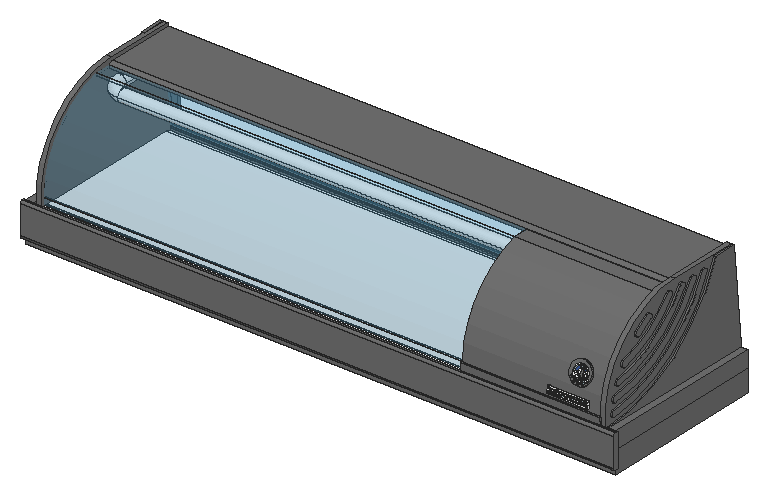
Revit family "QF_HOSHIZAKI_HNC-120BE-R-BH", category Specialty Equipment, Revit 2016
Family settings
  Part Type = Normal
  Round Connector Dimension = Use Diameter
  OmniClass Number = 23.40.40.14
  OmniClass Title = Food Service Equipment
  Work Plane-Based = No
  Always vertical = Yes
  Cut with Voids When Loaded = No
  Shared = No
  Room Calculation Point = No
Parameters (values of type "HNC-120BE-R-BH_230V/1Ph/50Hz")
  Weight = 32.00 kg
  Waste Remarks [instance] = ""
  Volts = 230 V
  URL Cutsheet = ""
  URL = "www.hoshizaki-europe.com"
  Status [instance] = ""
  Specification by User [instance] = ""
  Specification by Manufacturer [instance] = ""
  Serial Number = ""
  Seismic Rating = ""
  SMACNA No = ""
  Revision Code [instance] = ""
  Phase = 1
  Number of Poles = 2
  NAFEM Spec ID Number = ""
  Model = "HNC-120BE-R-BH"
  Min Ckt Ampacity = 0 A
  Max Overcurrent Protection = 0 A
  Masterspec = ""
  Manufacturer = "HOSHIZAKI"
  Length Actual = 1200 mm
  Item Number [instance] = ""
  Installed By [instance] = ""
  Indirect Waste Size = 50.8 mm
  Indirect Waste Connection Type [instance] = ""
  Indirect Waste Connection Height [instance] = 23 mm
  Identify Quantity as Lot [instance] = no
  Height Actual = 270 mm
  HP power = ""
  Furnished By [instance] = ""
  Foodservice Equipment Identifier [instance] = yes
  FL Amps = 0.6 A
  Electric power = 140 W
  Electric Connection Type [instance] = ""
  Elec Conn RI Height [instance] = 0 mm
  Elec Conn Connection Height [instance] = 19 mm
  Direct Waste RI Height [instance] = 0 mm
  Description = "SUSHI CASE, RIGHT SIDED - BLACK"
  Depth Actual = 345 mm
  Cycle = 50 Hz
  Cost = 0
  Conn Plug = ""
  Conn Conduit = no
  CSI MasterFormat = ""
  Assembly Code = "E1090320"
  Apparent Power = 140 VA
  Accessory = no
Reference planes
  plane 1 "Center (Front/Back)": y = 0
  plane 2: z = 0
  plane 3 "Center (Left/Right)": x = 0
Forms (mm)
  Extrusion 1, solid, not visible
    sketch origin (1169, -2, 18) x (1, 0, 0) y (0, 1, 0)
      loop
        line (0, 0) -> (2, 0) -> (2, 2) -> (0, 2) -> (0, 0)
    from 0 to 2
  Extrusion 2, solid, not visible
    sketch origin (67, -2, 22) x (1, 0, 0) y (0, 1, 0)
      loop
        line (0, 0) -> (2, 0) -> (2, 2) -> (0, 2) -> (0, 0)
    from 0 to 2
Dimensions and locks
  aligned and locked: level to plane 2
Nested families
  nested 1: "QF_HOSHIZAKI_HNC-120BE-R-BH_230V_1Ph_50Hz" at (0, 0, 0), type "HNC-120BE-R-BH_230V/1Ph/50Hz"
    with Status "", Specification by User "", Show Clearance yes, Revision Code "", Number of Poles 1, Item Number "", Installed By "", Identify Quantity as Lot no, Furnished By "", Foodservice Equipment Identifier yes, Electrical Remarks "", Electric Connection Type "", Elec Conn RI Height 0 mm, Elec Conn Connection Height 19 mm, Conn Conduit yes
Connectors
  electrical at (1170, 0, 19), driven by "Apparent Power", driven by "Number of Poles", driven by "Volts"
    settings: on Extrusion 1, index 1, voltage 230 V, apparent load 0 VA, apparent load phase1 140 VA, apparent load phase2 0 VA, apparent load phase3 0 VA, power factor 1, load classification "Other", number of poles 2, system type 31, power factor state 1, is connector primary yes, connector utility no, sub classification motor no, connector description "Electric connection for 'HNC-120BE-R-BH'"
  piping at (68, 0, 23), diameter 50.8, driven by "Indirect Waste Size"
    settings: on Extrusion 2, index 2, connector inside diameter 609.6 mm, connector length 0 mm, flow factor 0, pipe flow 0.0 L/s, pressure drop 0.0 Pa, fitting loss kfactor 0, connector angle 0.00°, fixture units 0, engagement length 0 mm, angle of deflection 0.00°, flow configuration 1, flow direction 2, fitting loss method 0, system type 16, joint type 0, gender type 0, connector reference index -1, connector utility 0, adjustable connector no, is connector primary yes, connector description "Drain connection for 'HNC-120BE-R-BH'"
Definition of nested family "QF_HOSHIZAKI_HNC-120BE-R-BH_230V_1Ph_50Hz"
  Parameters (values of type "HNC-120BE-R-BH_230V/1Ph/50Hz")
    Weight in Pounds = 70.5478
    Electric power = 150 W
    Volts = 230 V
    URL Cutsheet = "www.hoshizaki-europe.com"
    URL = "www.hoshizaki-europe.com"
    Status [instance] = ""
    Specification by User [instance] = ""
    Specification by Manufacturer = ""
    Show Logo = yes
    Show Clearance [instance] = yes
    Serial Number = ""
    Seismic Rating = ""
    SMACNA No = ""
    Revision Code [instance] = ""
    Phase = 1
    Number of Poles [instance] = 1
    NAFEM Spec ID Number = ""
    Model = "HNC-120BE-R-BH"
    Min Ckt Ampacity = 0 A
    Max Overcurrent Protection = 0 A
    Masterspec = ""
    Manufacturer = "HOSHIZAKI"
    Item Number [instance] = ""
    Installed By [instance] = ""
    Identify Quantity as Lot [instance] = no
    HP power = "0.201153000000"
    Furnished By [instance] = ""
    Foodservice Equipment Identifier [instance] = yes
    FL Amps = 20 A
    Electrical Remarks [instance] = ""
    Electric Connection Type [instance] = ""
    Elec Conn RI Height [instance] = 0 mm
    Elec Conn Connection Height [instance] = 19 mm
    Description = "SUSHI CASE, RIGHT SIDED - BLACK"
    Cycle = 50 Hz
    Conn Plug = ""
    Conn Conduit [instance] = yes
    CSI MasterFormat = ""
    Assembly Code = "E1090320"
    Apparent Power = 150 VA
  Reference planes
    plane 1 "Back": y = 0
    plane 2: z = 0
    plane 3 "Left": x = 0
    plane 4 "Right": x = 1200
    plane 5 "Front": y = -345
    plane 6 "Top": z = 270
  Forms (mm)
    Extrusion 1, solid
      sketch origin (1200, 0, 0) x (0, 1, 0) y (0, 0, -1)
        loop
          line (-335, -11.612) -> (-340, -11.612)
          arc (-340, -11.612) -> (-343.536, -13.076) -> (-345, -16.612) r 5
          line (-345, -16.612) -> (-345, -73.923)
          arc (-345, -73.923) -> (-343.536, -77.458) -> (-340, -78.923) r 5
          line (-340, -78.923) -> (-335, -78.923) -> (-335, -11.612)
      from 0 to 1200
    Extrusion 2, solid
      sketch origin (1196, 0, 0) x (0, 1, 0) y (0, 0, -1)
        loop
          line (0, 0) -> (-335, 0) -> (-335, -45.267) -> (0, -45.267) -> (0, 0)
      from 1192 to 0
    Extrusion 3, solid
      sketch origin (20, 0, 0) x (0, 1, 0) y (0, 0, 1)
        loop
          line (-335, 77.311) -> (-335, 45.267) -> (0, 45.267) -> (0, 81.612) -> (-16.482, 270) -> (-62.821, 270)
          arc (-62.821, 270) -> (-168.876, 131.23) -> (-335, 77.311) r 293.422
        loop
          arc (-83.709, 252.219) -> (-87.673, 258.508) -> (-95.039, 257.5) r 6.865
          arc (-95.039, 257.5) -> (-185.592, 150.044) -> (-318.029, 103.066) r 268.422
          arc (-318.029, 103.066) -> (-323.161, 96.407) -> (-317.08, 90.602) r 6.285
          arc (-317.08, 90.602) -> (-178.479, 139.765) -> (-83.709, 252.219) r 280.922
        loop
          arc (-111.859, 251.686) -> (-115.571, 258.059) -> (-122.925, 257.5) r 6.947
          arc (-122.925, 257.5) -> (-202.759, 168.597) -> (-315.28, 128.393) r 243.422
          arc (-315.28, 128.393) -> (-320.31, 121.62) -> (-314.06, 115.953) r 6.28
          arc (-314.06, 115.953) -> (-195.78, 158.227) -> (-111.859, 251.686) r 255.922
        loop
          arc (-140.937, 251.021) -> (-143.81, 258.338) -> (-151.626, 257.5) r 6.48
          arc (-151.626, 257.5) -> (-218.228, 188.332) -> (-308.057, 154.411) r 218.422
          arc (-308.057, 154.411) -> (-312.519, 147.451) -> (-306.269, 142.04) r 6.315
          arc (-306.269, 142.04) -> (-211.328, 177.909) -> (-140.937, 251.021) r 230.922
        loop
          arc (-173, 248.071) -> (-175.054, 255.795) -> (-183.042, 255.516) r 6.411
          arc (-183.042, 255.516) -> (-231.849, 209.297) -> (-293.527, 182.572) r 193.422
          arc (-293.527, 182.572) -> (-298.352, 176.046) -> (-293.13, 169.833) r 6.554
          arc (-293.13, 169.833) -> (-226.037, 198.16) -> (-173, 248.071) r 205.922
        loop
          arc (-225.482, 229.368) -> (-225.701, 237.193) -> (-233.285, 239.134) r 6.501
          arc (-233.285, 239.134) -> (-246.737, 229.431) -> (-261.08, 221.097) r 168.422
          arc (-261.08, 221.097) -> (-262.519, 213.318) -> (-255.34, 209.993) r 6.452
          arc (-255.34, 209.993) -> (-239.933, 218.945) -> (-225.482, 229.368) r 180.922
      from 0 to 5
    Extrusion 4, solid
      sketch origin (25, 0, 0) x (0, 1, 0) y (0, 0, 1)
        loop
          line (-335, 45.267) -> (0, 45.267) -> (0, 81.612) -> (-16.482, 270) -> (-157.482, 270)
          arc (-157.482, 270) -> (-288.48, 212.569) -> (-335, 77.311) r 178.115
          line (-335, 77.311) -> (-335, 45.267)
      from 0 to 10
    Extrusion 5, solid
      sketch origin (1180, 0, 0) x (0, 1, 0) y (0, 0, -1)
        loop
          arc (-335, -77.311) -> (-168.876, -131.23) -> (-62.821, -270) r 293.422
          line (-62.821, -270) -> (-16.482, -270) -> (0, -81.612) -> (0, -45.267) -> (-335, -45.267) -> (-335, -77.311)
        loop
          arc (-83.709, -252.219) -> (-178.479, -139.765) -> (-317.08, -90.602) r 280.922
          arc (-317.08, -90.602) -> (-323.161, -96.407) -> (-318.029, -103.066) r 6.285
          arc (-318.029, -103.066) -> (-185.592, -150.044) -> (-95.039, -257.5) r 268.422
          arc (-95.039, -257.5) -> (-87.673, -258.508) -> (-83.709, -252.219) r 6.865
        loop
          arc (-111.859, -251.686) -> (-195.78, -158.227) -> (-314.06, -115.953) r 255.922
          arc (-314.06, -115.953) -> (-320.31, -121.62) -> (-315.28, -128.393) r 6.28
          arc (-315.28, -128.393) -> (-202.759, -168.597) -> (-122.925, -257.5) r 243.422
          arc (-122.925, -257.5) -> (-115.571, -258.059) -> (-111.859, -251.686) r 6.947
        loop
          arc (-140.937, -251.021) -> (-211.328, -177.909) -> (-306.269, -142.04) r 230.922
          arc (-306.269, -142.04) -> (-312.519, -147.451) -> (-308.057, -154.411) r 6.315
          arc (-308.057, -154.411) -> (-218.228, -188.332) -> (-151.626, -257.5) r 218.422
          arc (-151.626, -257.5) -> (-143.81, -258.338) -> (-140.937, -251.021) r 6.48
        loop
          arc (-173, -248.071) -> (-226.037, -198.16) -> (-293.13, -169.833) r 205.922
          arc (-293.13, -169.833) -> (-298.352, -176.046) -> (-293.527, -182.572) r 6.554
          arc (-293.527, -182.572) -> (-231.849, -209.297) -> (-183.042, -255.516) r 193.422
          arc (-183.042, -255.516) -> (-175.054, -255.795) -> (-173, -248.071) r 6.411
        loop
          arc (-225.482, -229.368) -> (-239.933, -218.945) -> (-255.34, -209.993) r 180.922
          arc (-255.34, -209.993) -> (-262.519, -213.318) -> (-261.08, -221.097) r 6.452
          arc (-261.08, -221.097) -> (-246.737, -229.431) -> (-233.285, -239.134) r 168.422
          arc (-233.285, -239.134) -> (-225.701, -237.193) -> (-225.482, -229.368) r 6.501
      from 0 to 5
    Extrusion 6, solid
      sketch origin (1175, 0, 0) x (0, 1, 0) y (0, 0, -1)
        loop
          line (-335, -45.267) -> (-335, -77.311)
          arc (-335, -77.311) -> (-288.48, -212.569) -> (-157.482, -270) r 178.115
          line (-157.482, -270) -> (-16.482, -270) -> (0, -81.612) -> (0, -45.267) -> (-335, -45.267)
      from 0 to 10
    Extrusion 7, solid
      sketch origin (1200, 0, 0) x (0, 1, 0) y (0, 0, -1)
        loop
          line (-335.005, -77.311) -> (-335.597, -91.885) -> (-330.597, -91.885)
          arc (-330.597, -91.885) -> (-293.716, -198.698) -> (-198.787, -260) r 173.115
          line (-198.787, -260) -> (-15.607, -260) -> (0, -81.612) -> (0, -45.267) -> (-9.983, -45.267) -> (-9.983, -77.311) -> (-335.005, -77.311)
      from 35 to 317
    Extrusion 8, solid
      sketch origin (1200, 0, 0) x (0, 1, 0) y (0, 0, -1)
        loop
          line (-9.983, -45.267) -> (-335, -45.267) -> (-335, -67.293)
          arc (-335, -67.293) -> (-332.066, -74.377) -> (-324.983, -77.311) r 10.017
          line (-324.983, -77.311) -> (-20.035, -77.311)
          arc (-20.035, -77.311) -> (-12.951, -74.377) -> (-9.983, -67.293) r 10.017
          line (-9.983, -67.293) -> (-9.983, -45.267)
      from 35 to 1165
    Extrusion 9, solid
      sketch origin (1200, 0, 0) x (0, 1, 0) y (0, 0, -1)
        loop
          line (-16.044, -265) -> (-15.169, -255) -> (-166.142, -255) -> (-166.142, -260)
          arc (-166.142, -260) -> (-162.482, -263.66) -> (-157.482, -265) r 10
          line (-157.482, -265) -> (-16.044, -265)
      from 35 to 1165
    Extrusion 10, solid
      sketch origin (1200, 0, 0) x (0, 1, 0) y (0, 0, -1)
        loop
          line (-166.142, -260) -> (-166.142, -255) -> (-198.178, -255)
          arc (-198.178, -255) -> (-289.967, -195.377) -> (-325.597, -91.885) r 168.115
          line (-325.597, -91.885) -> (-325.597, -77.395) -> (-330.597, -77.395) -> (-330.597, -91.885)
          arc (-330.597, -91.885) -> (-293.716, -198.698) -> (-198.787, -260) r 173.115
          line (-198.787, -260) -> (-166.142, -260)
      from 317 to 1165
    Sweep 11, solid
      path origin (1200, 0, 230) x (-1, 0, 0) y (0, -1, 0)
        loop
          line (1072.551, 50.66) -> (1112.551, 50.66)
          arc (1112.551, 50.66) -> (1140.051, 62.051) -> (1151.442, 89.551) r 38.891
          line (1151.442, 89.551) -> (1151.442, 153.787)
          arc (1151.442, 153.787) -> (1142.122, 176.287) -> (1119.622, 185.607) r 31.82
          line (1119.622, 185.607) -> (317, 185.607)
      profile origin (107.449, -50.66, 230) x (0, -1, 0) y (0, 0, 1)
        loop
          circle (0, 0) r 12.5
    Extrusion 12, solid
      sketch origin (1200, 0, 0) x (0, 1, 0) y (0, 0, -1)
        loop
          line (0, -45.267) -> (-10, -45.267) -> (-10, -77.311) -> (-5, -77.311) -> (-5, -81.612) -> (-6.743, -101.536) -> (-1.743, -101.536) -> (0, -81.612) -> (0, -45.267)
      from 317 to 1165
    Extrusion 13, solid
      sketch origin (1200, 0, 0) x (0, 1, 0) y (0, 0, -1)
        loop
          line (-6.743, -101.536) -> (-20.169, -255) -> (-15.169, -255) -> (-1.743, -101.536) -> (-6.743, -101.536)
      from 1150 to 1165
    Extrusion 14, solid
      sketch origin (1200, 0, 0) x (0, 1, 0) y (0, 0, -1)
        loop
          line (-5, -77.311) -> (-9.917, -77.311) -> (-9.917, -80.666) -> (-25.169, -255) -> (-20.169, -255) -> (-5, -81.612) -> (-5, -77.311)
      from 317 to 1165
    Extrusion 15, solid
      sketch origin (1200, 0, 0) x (-1, 0, 0) y (0, 0, -1)
        loop
          line (20, -45.267) -> (4, -45.267) -> (4, -78.923) -> (20, -78.923) -> (20, -45.267)
      from 0 to 335
    Extrusion 16, solid
      sketch origin (20, 0, 0) x (-1, 0, 0) y (0, 0, -1)
        loop
          line (16, -45.267) -> (0, -45.267) -> (0, -78.923) -> (16, -78.923) -> (16, -45.267)
      from 0 to 335
    Extrusion 17, solid
      sketch origin (1170, 5, 19) x (-1, 0, 0) y (0, 0, -1)
        loop
          circle (0, 0) r 5
      from 0 to 5
    Extrusion 18, solid, visible <- "Show Logo"
      sketch origin (1008.022, -388.576, -502.725) x (1, 0, 0) y (0, 0.087156, 0.996195)
        loop
          line (55.338, 616.136) -> (55.338, 615.183) -> (56.401, 614.569) -> (56.401, 609.537) -> (55.338, 608.924) -> (55.338, 607.971) -> (59.638, 607.971) -> (59.638, 608.924) -> (58.286, 609.537) -> (58.286, 611.434) -> (61.704, 611.434) -> (61.704, 609.537) -> (60.353, 608.924) -> (60.353, 607.971) -> (64.652, 607.971) -> (64.652, 608.924) -> (63.589, 609.537) -> (63.589, 614.569) -> (64.652, 615.183) -> (64.652, 616.136) -> (60.353, 616.136) -> (60.353, 615.183) -> (61.704, 614.569) -> (61.704, 612.924) -> (58.286, 612.924) -> (58.286, 614.569) -> (59.638, 615.183) -> (59.638, 616.136) -> (55.338, 616.136)
        loop
          spline (69.001, 608.002) -> (70.129, 608.14) -> (71.179, 608.547) -> (72.081, 609.193) -> (72.773, 610.035) -> (73.209, 611.016) -> (73.357, 612.069) -> (73.209, 613.121) -> (72.773, 614.102) -> (72.081, 614.944) -> (71.179, 615.591) -> (70.129, 615.997) -> (69.001, 616.136)
          spline (69.001, 616.136) -> (67.874, 615.997) -> (66.824, 615.591) -> (65.922, 614.944) -> (65.229, 614.102) -> (64.794, 613.121) -> (64.646, 612.069) -> (64.794, 611.016) -> (65.229, 610.035) -> (65.922, 609.193) -> (66.824, 608.547) -> (67.874, 608.14) -> (69.001, 608.002)
        loop
          spline (68.927, 609) -> (69.484, 609.105) -> (70.004, 609.411) -> (70.45, 609.899) -> (70.792, 610.534) -> (71.007, 611.274) -> (71.08, 612.069) -> (71.007, 612.863) -> (70.792, 613.603) -> (70.45, 614.239) -> (70.004, 614.726) -> (69.484, 615.033) -> (68.927, 615.137)
          spline (68.927, 615.137) -> (68.37, 615.033) -> (67.851, 614.726) -> (67.405, 614.239) -> (67.063, 613.603) -> (66.847, 612.863) -> (66.774, 612.069) -> (66.847, 611.274) -> (67.063, 610.534) -> (67.405, 609.899) -> (67.851, 609.411) -> (68.37, 609.105) -> (68.927, 609)
        loop
          line (81.179, 616.194) -> (79.474, 615.758)
          arc (79.474, 615.758) -> (77.281, 616.22) -> (75.089, 615.753) r 5.403
          arc (75.089, 615.753) -> (73.886, 613.9) -> (75.089, 612.047) r 2.029
          line (75.089, 612.047) -> (78.971, 610.634)
          arc (78.971, 610.634) -> (79.436, 609.97) -> (78.971, 609.307) r 0.706
          arc (78.971, 609.307) -> (77.855, 609.11) -> (76.74, 609.307) r 3.262
          line (76.74, 609.307) -> (75.274, 610.772) -> (73.787, 610.772) -> (73.787, 608.097) -> (75.666, 608.577)
          arc (75.666, 608.577) -> (78.223, 607.78) -> (80.78, 608.577) r 4.5
          arc (80.78, 608.577) -> (81.48, 610.43) -> (80.78, 612.283) r 2.804
          line (80.78, 612.283) -> (76.487, 613.433)
          arc (76.487, 613.433) -> (75.882, 614.221) -> (76.487, 615.009) r 0.816
          arc (76.487, 615.009) -> (77.614, 615.157) -> (78.742, 615.009) r 4.357
          line (78.742, 615.009) -> (79.927, 613.433) -> (81.179, 613.433) -> (81.179, 616.194)
        loop
          line (82.271, 616.136) -> (82.271, 615.183) -> (83.334, 614.569) -> (83.334, 609.537) -> (82.271, 608.924) -> (82.271, 607.971) -> (86.57, 607.971) -> (86.57, 608.924) -> (85.219, 609.537) -> (85.219, 611.434) -> (88.636, 611.434) -> (88.636, 609.537) -> (87.285, 608.924) -> (87.285, 607.971) -> (91.585, 607.971) -> (91.585, 608.924) -> (90.522, 609.537) -> (90.522, 614.569) -> (91.585, 615.183) -> (91.585, 616.136) -> (87.285, 616.136) -> (87.285, 615.183) -> (88.636, 614.569) -> (88.636, 612.924) -> (85.219, 612.924) -> (85.219, 614.569) -> (86.57, 615.183) -> (86.57, 616.136) -> (82.271, 616.136)
        loop
          line (96.706, 616.136) -> (92.416, 616.136) -> (92.416, 615.183) -> (93.479, 614.569) -> (93.479, 609.537) -> (92.416, 608.924) -> (92.416, 607.971) -> (96.706, 607.971) -> (96.706, 608.924) -> (95.643, 609.537) -> (95.643, 614.569) -> (96.706, 615.183) -> (96.706, 616.136)
        loop
          line (97.667, 616.136) -> (97.667, 612.671) -> (98.907, 612.671) -> (98.907, 614.463) -> (99.558, 615.114) -> (102.547, 615.114) -> (97.667, 609.299) -> (97.667, 607.971) -> (104.908, 607.971) -> (104.908, 611.273) -> (103.649, 611.273) -> (103.649, 609.958) -> (102.708, 609.299) -> (100.239, 609.299) -> (104.908, 614.862) -> (104.908, 616.136) -> (97.667, 616.136)
        loop
          line (105.624, 607.971) -> (109.33, 607.971) -> (109.33, 609.028) -> (107.454, 609.028) -> (108.104, 610.636) -> (111.138, 610.636) -> (111.792, 609.702) -> (111.119, 609.028) -> (110.298, 609.028) -> (110.298, 607.971) -> (114.469, 607.971) -> (114.469, 609.299) -> (110.933, 616.136) -> (109.33, 616.136) -> (106.458, 609.028) -> (105.624, 609.028) -> (105.624, 607.971)
        loop
          line (114.779, 616.136) -> (114.779, 615.083) -> (116.046, 615.083) -> (116.046, 609.299) -> (114.99, 609.299) -> (114.99, 607.971) -> (118.696, 607.971) -> (117.926, 609.461) -> (117.926, 610.349) -> (119.101, 611.525) -> (121.327, 609.299) -> (120.053, 609.299) -> (120.053, 607.971) -> (124.657, 607.971) -> (124.657, 609.299) -> (123.759, 609.299) -> (120.592, 613.016) -> (122.659, 615.083) -> (123.759, 615.083) -> (123.759, 616.136) -> (120.053, 616.136) -> (120.053, 615.083) -> (121.071, 615.083) -> (117.926, 611.937) -> (118.696, 615.083) -> (118.696, 616.136) -> (114.779, 616.136)
        loop
          line (129.485, 616.136) -> (125.196, 616.136) -> (125.196, 615.183) -> (126.259, 614.569) -> (126.259, 609.537) -> (125.196, 608.924) -> (125.196, 607.971) -> (129.485, 607.971) -> (129.485, 608.924) -> (128.422, 609.537) -> (128.422, 614.569) -> (129.485, 615.183) -> (129.485, 616.136)
        loop
          line (109.583, 614.299) -> (108.553, 611.748) -> (110.666, 611.748) -> (109.583, 614.299)
        loop
          line (52.372, 617.338) -> (52.372, 606.471) -> (131.113, 606.471) -> (131.113, 617.338) -> (52.372, 617.338)
        loop
          line (133.113, 619.338) -> (50.372, 619.338) -> (50.372, 604.471) -> (133.113, 604.471) -> (133.113, 619.338)
      from -1 to 1
    Extrusion 19, solid, visible <- "Show Logo"
      sketch origin (1018.022, -389.821, -522.692) x (1, 0, 0) y (0, 0.087156, 0.996195)
        loop
          line (42.372, 637.338) -> (42.372, 626.471) -> (121.113, 626.471) -> (121.113, 637.338) -> (42.372, 637.338)
      from -1 to 1
    Extrusion 20, solid, visible <- "Show Logo"
      sketch origin (1577.337, -1020.928, -1575.21) x (-1, 0, 0) y (0, -0.374607, -0.927184)
        loop
          circle (459.884, -1862.5) r 13.99
      from 0 to 2.5
    Extrusion 21, solid, visible <- "Show Logo"
      sketch origin (1577.337, -1021.392, -1575.023) x (-1, 0, 0) y (0, -0.374607, -0.927184)
        loop
          circle (459.884, -1862.5) r 15
        loop
          arc (446.884, -1862.5) -> (460.705, -1875.474) -> (472.781, -1860.863) r 13
          line (472.781, -1860.863) -> (470.355, -1858.437) -> (469.346, -1862.201) -> (466.355, -1863.928) -> (465.024, -1865.26) -> (463.375, -1865.26) -> (462.04, -1870.241) -> (457.755, -1870.241) -> (459.339, -1867.979) -> (460.402, -1864.014) -> (461.224, -1860.945) -> (462.416, -1856.497) -> (461.216, -1855.297) -> (459.433, -1857.843) -> (455.784, -1851.523) -> (460.361, -1851.523) -> (461.471, -1853.446) -> (469.213, -1853.446)
          arc (469.213, -1853.446) -> (460.394, -1849.51) -> (451.293, -1852.743) r 13
          line (451.293, -1852.743) -> (455.577, -1853.891) -> (453.752, -1856.497) -> (455.349, -1856.497) -> (454.477, -1866.459) -> (452.538, -1866.459) -> (446.884, -1862.5)
        loop
          line (447.853, -1857.467) -> (452.313, -1861.926) -> (450.144, -1853.891)
          arc (450.144, -1853.891) -> (448.878, -1855.602) -> (447.853, -1857.467) r 15.828
        loop
          line (463.583, -1862.877) -> (466.64, -1862.399) -> (464.901, -1861.285) -> (463.583, -1857.664) -> (463.583, -1862.877)
        loop
          line (464.827, -1855.979) -> (468.296, -1856.908) -> (469.573, -1854.916) -> (468.881, -1854.224) -> (467.914, -1855.035) -> (464.827, -1855.979)
        loop
          line (462.609, -1872.307) -> (462.609, -1874.009) -> (464.927, -1873.388) -> (462.609, -1872.307)
        loop
          line (460.361, -1874.662) -> (459.594, -1873.335) -> (460.801, -1872.638) -> (459.186, -1872.205) -> (458.298, -1874.11) -> (460.361, -1874.662)
        loop
          line (459.623, -1846.783) -> (460.706, -1845.701) -> (462.247, -1845.701) -> (461.191, -1844.645) -> (461.503, -1842.874) -> (459.623, -1843.959) -> (457.743, -1842.874) -> (458.055, -1844.645) -> (456.999, -1845.701) -> (458.54, -1845.701) -> (459.623, -1846.783)
        loop
          line (446.86, -1853.7) -> (446.594, -1852.191) -> (447.478, -1850.929) -> (446.007, -1851.188) -> (444.736, -1849.917) -> (444.547, -1852.08) -> (442.579, -1852.997) -> (444.209, -1853.757) -> (444.468, -1855.228) -> (445.352, -1853.965) -> (446.86, -1853.7)
        loop
          line (452.395, -1848.68) -> (452.856, -1847.219) -> (454.223, -1846.508) -> (452.799, -1846.059) -> (452.258, -1844.344) -> (451.091, -1846.175) -> (448.922, -1846.08) -> (450.017, -1847.507) -> (449.568, -1848.931) -> (450.935, -1848.219) -> (452.395, -1848.68)
        loop
          line (472.909, -1853.7) -> (474.417, -1853.965) -> (475.301, -1855.228) -> (475.56, -1853.757) -> (477.19, -1852.997) -> (475.222, -1852.08) -> (475.033, -1849.917) -> (473.761, -1851.188) -> (472.291, -1850.929) -> (473.175, -1852.191) -> (472.909, -1853.7)
        loop
          line (467.374, -1848.68) -> (468.834, -1848.219) -> (470.201, -1848.931) -> (469.752, -1847.507) -> (470.847, -1846.08) -> (468.678, -1846.175) -> (467.511, -1844.344) -> (466.97, -1846.059) -> (465.546, -1846.508) -> (466.913, -1847.219) -> (467.374, -1848.68)
      from 0 to 2.5
    Extrusion 22, solid, visible <- "Show Logo"
      sketch origin (1577.337, -1021.392, -1575.023) x (-1, 0, 0) y (0, -0.374607, -0.927184)
        loop
          line (462.609, -1874.009) -> (462.609, -1872.307) -> (462.085, -1870.241) -> (457.755, -1870.241) -> (459.339, -1867.979) -> (462.416, -1856.497) -> (461.216, -1855.297) -> (459.433, -1857.843) -> (455.808, -1851.565) -> (453.948, -1851.565) -> (455.577, -1853.891) -> (454.477, -1866.459) -> (456.345, -1871.339)
          arc (456.345, -1871.339) -> (456.868, -1874.025) -> (459.213, -1875.435) r 3.366
          arc (459.213, -1875.435) -> (460.198, -1875.496) -> (461.183, -1875.435) r 8.046
          line (461.183, -1875.435) -> (462.609, -1874.009)
        loop
          line (456.854, -1851.523) -> (460.361, -1851.523) -> (460.916, -1852.485) -> (462.702, -1852.485) -> (463.779, -1851.407) -> (460.623, -1851.407) -> (461.563, -1850.468) -> (456.245, -1850.468) -> (456.854, -1851.523)
        loop
          line (460.361, -1874.662) -> (459.594, -1873.335) -> (460.801, -1872.638) -> (459.186, -1872.205) -> (458.298, -1874.11) -> (460.361, -1874.662)
      from 0 to 2.5
    Extrusion 23, solid, visible <- "Show Logo"
      sketch origin (1562.953, -534.352, -370.891) x (-1, 0, 0) y (0, -0.374607, -0.927184)
        loop
          circle (445.5, -563.6) r 22.5
      from 0 to 2
  Lines and regions (mm)
    symbolic lines
      curve 1: line (1200, -335, 0) -> (1200, -345, 0)
      curve 2: line (1200, -345, 0) -> (0, -345, 0)
      curve 3: line (0, -345, 0) -> (0, -335, 0)
      curve 4: line (0, -335, 0) -> (4, -335, 0)
      curve 5: line (4, -335, 0) -> (4, 0, 0)
      curve 6: line (4, 0, 0) -> (1196, 0, 0)
      curve 7: line (1165, 0, 0) -> (1165, 5, 0)
      curve 8: line (1165, 5, 0) -> (1175, 5, 0)
      curve 9: line (1175, 5, 0) -> (1175, 0, 0)
      curve 10: line (1196, 0, 0) -> (1196, -335, 0)
      curve 11: line (1196, -335, 0) -> (1200, -335, 0)
      curve 12: line (1196, -335, 0) -> (4, -335, 0)
      curve 13: line (35, -335, 0) -> (35, 0, 0)
      curve 14: line (1165, -335, 0) -> (1165, 0, 0)
      curve 15: line (883, 0, 0) -> (883, -335, 0)
      curve 16: line (35, -166.142, 0) -> (883, -166.142, 0)
  Dimensions and locks
    aligned and locked: level to plane 2
  Connectors
    electrical at (1170, 5, 19), driven by "Apparent Power", driven by "Volts", driven by "Number of Poles"
      settings: on Extrusion 17, index 1, voltage 230 V, apparent load 0 VA, apparent load phase1 150 VA, apparent load phase2 0 VA, apparent load phase3 0 VA, power factor 1, load classification none, number of poles 1, system type 31, power factor state 1, is connector primary yes, connector utility no, sub classification motor no, connector description "Electrical Connection"
